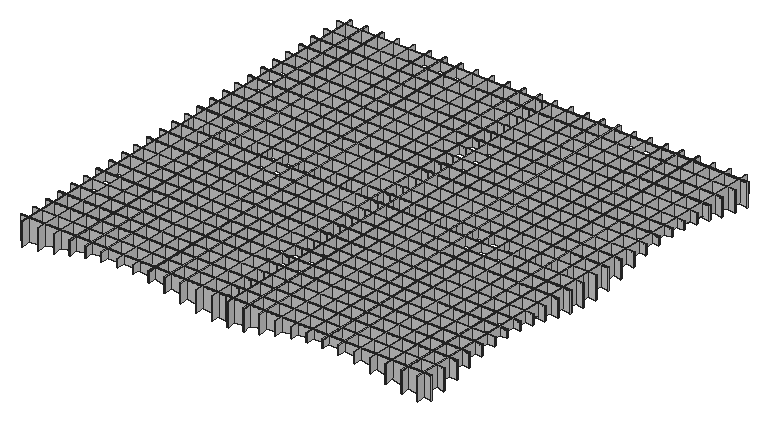
Revit family "CLD-WFL-002_RFA", category Modelos genéricos, Revit 2022 (continued)
Forms (in)
  Extrusion 93, solid, not visible
    sketch origin (0, 83.68055, 0) x (1, 0, 0) y (0, 0, 1)
      loop
        spline (53.76378, 5.08558) -> (54.49695, 5.08542) -> (55.23004, 5.08505) -> (55.96301, 5.0845) -> (56.6958, 5.0838) -> (57.42835, 5.08298) -> (58.16062, 5.08206) -> (58.89255, 5.08107) -> (59.62408, 5.08005) -> (60.35517, 5.07902) -> (61.08576, 5.07801) -> (61.81579, 5.07705) -> (62.54522, 5.07616)
        spline (62.54522, 5.07616) -> (63.20286, 5.07551) -> (63.85981, 5.075) -> (64.51602, 5.07466) -> (65.17144, 5.07452) -> (65.82603, 5.0746) -> (66.47973, 5.07493) -> (67.1325, 5.07554) -> (67.78428, 5.07645) -> (68.43505, 5.07766) -> (69.08486, 5.07909) -> (69.73376, 5.08066) -> (70.38178, 5.08229)
        spline (70.38178, 5.08229) -> (71.1172, 5.08386) -> (71.85177, 5.08523) -> (72.58555, 5.08629) -> (73.31859, 5.08695) -> (74.05095, 5.08712) -> (74.78269, 5.08668) -> (75.51386, 5.08555) -> (76.24453, 5.08362) -> (76.97474, 5.08079) -> (77.70455, 5.07697) -> (78.43403, 5.07206) -> (79.16322, 5.06596)
        spline (79.16322, 5.06596) -> (79.81589, 5.05858) -> (80.46845, 5.04989) -> (81.12094, 5.0398) -> (81.77342, 5.02821) -> (82.42595, 5.01505) -> (83.07858, 5.00022) -> (83.73137, 4.98363) -> (84.38439, 4.9652) -> (85.03768, 4.94483) -> (85.6913, 4.92244) -> (86.34531, 4.89793) -> (86.99978, 4.87123)
        spline (86.99978, 4.87123) -> (87.72677, 4.83707) -> (88.45442, 4.80022) -> (89.18281, 4.7606) -> (89.91198, 4.7181) -> (90.642, 4.67263) -> (91.37294, 4.62408) -> (92.10486, 4.57237) -> (92.83781, 4.5174) -> (93.57187, 4.45907) -> (94.3071, 4.39728) -> (95.04355, 4.33194) -> (95.78122, 4.26301)
        spline (95.78122, 4.26301) -> (96.43065, 4.19725) -> (97.08095, 4.12847) -> (97.73207, 4.05667) -> (98.38393, 3.9819) -> (99.03648, 3.90417) -> (99.68963, 3.82352) -> (100.34334, 3.73996) -> (100.99753, 3.65352) -> (101.65213, 3.56424) -> (102.30709, 3.47213) -> (102.96233, 3.37722) -> (103.61778, 3.27954)
        spline (103.61778, 3.27954) -> (103.98302, 3.22342) -> (104.34828, 3.16655) -> (104.71355, 3.10893) -> (105.07882, 3.05057) -> (105.44409, 2.99146) -> (105.80934, 2.93162) -> (106.17456, 2.87105) -> (106.53976, 2.80974) -> (106.9049, 2.74771) -> (107.27, 2.68496) -> (107.63504, 2.62148) -> (108, 2.55729)
        line (108, 2.55729) -> (108, 11.82144)
    from -0.11811 to 0
  Extrusion 94, solid, not visible
    sketch origin (0, 91.399, 0) x (1, 0, 0) y (0, 0, 1)
      loop
        line (108, 11.82144) -> (0, 11.82144) -> (0, 0.88375)
        spline (0, 0.88375) -> (0.32561, 0.94348) -> (0.65129, 1.00296) -> (0.97702, 1.06219) -> (1.3028, 1.12116) -> (1.62862, 1.1799) -> (1.95447, 1.23838) -> (2.28035, 1.29662) -> (2.60624, 1.35462) -> (2.93213, 1.41237) -> (3.25803, 1.46988) -> (3.58391, 1.52715) -> (3.90978, 1.58418)
        spline (3.90978, 1.58418) -> (4.64426, 1.71122) -> (5.37851, 1.8372) -> (6.11243, 1.96212) -> (6.84596, 2.086) -> (7.57903, 2.20885) -> (8.31155, 2.33067) -> (9.04347, 2.45149) -> (9.77469, 2.57131) -> (10.50515, 2.69014) -> (11.23478, 2.80798) -> (11.96349, 2.92486) -> (12.69122, 3.04079)
        spline (12.69122, 3.04079) -> (13.34952, 3.14441) -> (14.00673, 3.24717) -> (14.66285, 3.34906) -> (15.31792, 3.45005) -> (15.97202, 3.55011) -> (16.62518, 3.64921) -> (17.27747, 3.74732) -> (17.92894, 3.8444) -> (18.57965, 3.94043) -> (19.22966, 4.03537) -> (19.87902, 4.12919) -> (20.52778, 4.22187)
        spline (20.52778, 4.22187) -> (21.26116, 4.32437) -> (21.99403, 4.42546) -> (22.72646, 4.52511) -> (23.45852, 4.62328) -> (24.19027, 4.71993) -> (24.92177, 4.81503) -> (25.6531, 4.90854) -> (26.3843, 5.00042) -> (27.11545, 5.09065) -> (27.84662, 5.17918) -> (28.57786, 5.26598) -> (29.30922, 5.35101)
        spline (29.30922, 5.35101) -> (29.95995, 5.42391) -> (30.61094, 5.49516) -> (31.26223, 5.56472) -> (31.91387, 5.63257) -> (32.56591, 5.69867) -> (33.21841, 5.763) -> (33.87141, 5.82551) -> (34.52497, 5.88618) -> (35.17914, 5.94498) -> (35.83396, 6.00187) -> (36.48949, 6.05683) -> (37.14578, 6.10982)
        spline (37.14578, 6.10982) -> (37.87194, 6.16453) -> (38.59907, 6.21702) -> (39.32723, 6.26723) -> (40.05647, 6.31514) -> (40.78684, 6.36072) -> (41.51831, 6.40397) -> (42.25083, 6.44489) -> (42.98434, 6.4835) -> (43.71879, 6.51981) -> (44.45413, 6.55383) -> (45.19029, 6.58557) -> (45.92722, 6.61503)
        spline (45.92722, 6.61503) -> (46.57816, 6.6376) -> (47.22964, 6.65822) -> (47.88162, 6.67689) -> (48.53404, 6.69363) -> (49.18687, 6.70845) -> (49.84004, 6.72134) -> (50.49352, 6.73234) -> (51.14725, 6.74143) -> (51.80119, 6.74863) -> (52.45529, 6.75396) -> (53.1095, 6.75742) -> (53.76378, 6.75901)
        spline (53.76378, 6.75901) -> (54.49695, 6.7572) -> (55.23004, 6.75331) -> (55.96301, 6.74732) -> (56.6958, 6.73922) -> (57.42835, 6.72901) -> (58.16062, 6.71667) -> (58.89255, 6.7022) -> (59.62408, 6.68557) -> (60.35517, 6.66679) -> (61.08576, 6.64585) -> (61.81579, 6.62272) -> (62.54522, 6.59741)
        spline (62.54522, 6.59741) -> (63.20286, 6.57112) -> (63.85981, 6.54281) -> (64.51602, 6.51247) -> (65.17144, 6.48008) -> (65.82603, 6.44563) -> (66.47973, 6.40912) -> (67.1325, 6.37054) -> (67.78428, 6.32988) -> (68.43505, 6.28713) -> (69.08486, 6.24233) -> (69.73376, 6.19551) -> (70.38178, 6.14669)
        spline (70.38178, 6.14669) -> (71.1172, 6.08737) -> (71.85177, 6.02584) -> (72.58554, 5.96214) -> (73.31858, 5.89631) -> (74.05094, 5.82838) -> (74.78268, 5.75838) -> (75.51386, 5.68636) -> (76.24452, 5.61234) -> (76.97473, 5.53637) -> (77.70455, 5.45847) -> (78.43403, 5.37869) -> (79.16322, 5.29705)
        spline (79.16322, 5.29705) -> (79.81589, 5.22111) -> (80.46845, 5.14359) -> (81.12094, 5.06452) -> (81.77342, 4.98394) -> (82.42595, 4.90188) -> (83.07858, 4.81837) -> (83.73137, 4.73344) -> (84.38439, 4.64713) -> (85.03768, 4.55947) -> (85.6913, 4.47048) -> (86.34531, 4.3802) -> (86.99978, 4.28866)
        spline (86.99978, 4.28866) -> (87.72677, 4.18488) -> (88.45442, 4.07981) -> (89.1828, 3.97349) -> (89.91197, 3.86595) -> (90.64199, 3.75723) -> (91.37293, 3.64737) -> (92.10485, 3.53639) -> (92.8378, 3.42433) -> (93.57186, 3.31123) -> (94.30709, 3.19712) -> (95.04354, 3.08203) -> (95.78122, 2.96599)
        spline (95.78122, 2.96599) -> (96.4698, 2.85601) -> (97.15931, 2.74512) -> (97.84968, 2.63332) -> (98.54085, 2.52058) -> (99.23273, 2.40692) -> (99.92527, 2.2923) -> (100.61838, 2.17673) -> (101.31201, 2.06019) -> (102.00608, 1.94268) -> (102.70052, 1.82418) -> (103.39525, 1.70469) -> (104.09022, 1.58418)
        spline (104.09022, 1.58418) -> (104.41609, 1.52715) -> (104.74197, 1.46988) -> (105.06787, 1.41237) -> (105.39376, 1.35462) -> (105.71965, 1.29662) -> (106.04553, 1.23838) -> (106.37138, 1.1799) -> (106.6972, 1.12116) -> (107.02298, 1.06219) -> (107.34871, 1.00296) -> (107.67439, 0.94348) -> (108, 0.88375)
        line (108, 0.88375) -> (108, 11.82144)
    from -0.11811 to 0
  Extrusion 95, solid, not visible
    sketch origin (0, 91.87144, 0) x (1, 0, 0) y (0, 0, 1)
      loop
        line (108, 11.82144) -> (0, 11.82144) -> (0, 0.88375)
        spline (0, 0.88375) -> (0.32561, 0.94348) -> (0.65129, 1.00296) -> (0.97702, 1.06219) -> (1.3028, 1.12116) -> (1.62862, 1.1799) -> (1.95447, 1.23838) -> (2.28035, 1.29662) -> (2.60624, 1.35462) -> (2.93213, 1.41237) -> (3.25803, 1.46988) -> (3.58391, 1.52715) -> (3.90978, 1.58418)
        spline (3.90978, 1.58418) -> (4.64426, 1.71122) -> (5.37851, 1.8372) -> (6.11243, 1.96212) -> (6.84596, 2.086) -> (7.57903, 2.20885) -> (8.31155, 2.33067) -> (9.04347, 2.45149) -> (9.77469, 2.57131) -> (10.50515, 2.69014) -> (11.23478, 2.80798) -> (11.96349, 2.92486) -> (12.69122, 3.04079)
        spline (12.69122, 3.04079) -> (13.34952, 3.14441) -> (14.00673, 3.24717) -> (14.66285, 3.34906) -> (15.31792, 3.45005) -> (15.97202, 3.55011) -> (16.62518, 3.64921) -> (17.27747, 3.74732) -> (17.92894, 3.8444) -> (18.57965, 3.94043) -> (19.22966, 4.03537) -> (19.87902, 4.12919) -> (20.52778, 4.22187)
        spline (20.52778, 4.22187) -> (21.26116, 4.32437) -> (21.99403, 4.42546) -> (22.72646, 4.52511) -> (23.45852, 4.62328) -> (24.19027, 4.71993) -> (24.92177, 4.81503) -> (25.6531, 4.90854) -> (26.3843, 5.00042) -> (27.11545, 5.09065) -> (27.84662, 5.17918) -> (28.57786, 5.26598) -> (29.30922, 5.35101)
        spline (29.30922, 5.35101) -> (29.95995, 5.42391) -> (30.61094, 5.49516) -> (31.26223, 5.56472) -> (31.91387, 5.63257) -> (32.56591, 5.69867) -> (33.21841, 5.763) -> (33.87141, 5.82551) -> (34.52497, 5.88618) -> (35.17914, 5.94498) -> (35.83396, 6.00187) -> (36.48949, 6.05683) -> (37.14578, 6.10982)
        spline (37.14578, 6.10982) -> (37.87194, 6.16453) -> (38.59907, 6.21702) -> (39.32723, 6.26723) -> (40.05647, 6.31514) -> (40.78684, 6.36072) -> (41.51831, 6.40397) -> (42.25083, 6.44489) -> (42.98434, 6.4835) -> (43.71879, 6.51981) -> (44.45413, 6.55383) -> (45.19029, 6.58557) -> (45.92722, 6.61503)
        spline (45.92722, 6.61503) -> (46.57816, 6.6376) -> (47.22964, 6.65822) -> (47.88162, 6.67689) -> (48.53404, 6.69363) -> (49.18687, 6.70845) -> (49.84004, 6.72134) -> (50.49352, 6.73234) -> (51.14725, 6.74143) -> (51.80119, 6.74863) -> (52.45529, 6.75396) -> (53.1095, 6.75742) -> (53.76378, 6.75901)
        spline (53.76378, 6.75901) -> (54.49695, 6.7572) -> (55.23004, 6.75331) -> (55.96301, 6.74732) -> (56.6958, 6.73922) -> (57.42835, 6.72901) -> (58.16062, 6.71667) -> (58.89255, 6.7022) -> (59.62408, 6.68557) -> (60.35517, 6.66679) -> (61.08576, 6.64585) -> (61.81579, 6.62272) -> (62.54522, 6.59741)
        spline (62.54522, 6.59741) -> (63.20286, 6.57112) -> (63.85981, 6.54281) -> (64.51602, 6.51247) -> (65.17144, 6.48008) -> (65.82603, 6.44563) -> (66.47973, 6.40912) -> (67.1325, 6.37054) -> (67.78428, 6.32988) -> (68.43505, 6.28713) -> (69.08486, 6.24233) -> (69.73376, 6.19551) -> (70.38178, 6.14669)
        spline (70.38178, 6.14669) -> (71.1172, 6.08737) -> (71.85177, 6.02584) -> (72.58554, 5.96214) -> (73.31858, 5.89631) -> (74.05094, 5.82838) -> (74.78268, 5.75838) -> (75.51386, 5.68636) -> (76.24452, 5.61234) -> (76.97473, 5.53637) -> (77.70455, 5.45847) -> (78.43403, 5.37869) -> (79.16322, 5.29705)
        spline (79.16322, 5.29705) -> (79.81589, 5.22111) -> (80.46845, 5.14359) -> (81.12094, 5.06452) -> (81.77342, 4.98394) -> (82.42595, 4.90188) -> (83.07858, 4.81837) -> (83.73137, 4.73344) -> (84.38439, 4.64713) -> (85.03768, 4.55947) -> (85.6913, 4.47048) -> (86.34531, 4.3802) -> (86.99978, 4.28866)
        spline (86.99978, 4.28866) -> (87.72677, 4.18488) -> (88.45442, 4.07981) -> (89.1828, 3.97349) -> (89.91197, 3.86595) -> (90.64199, 3.75723) -> (91.37293, 3.64737) -> (92.10485, 3.53639) -> (92.8378, 3.42433) -> (93.57186, 3.31123) -> (94.30709, 3.19712) -> (95.04354, 3.08203) -> (95.78122, 2.96599)
        spline (95.78122, 2.96599) -> (96.4698, 2.85601) -> (97.15931, 2.74512) -> (97.84968, 2.63332) -> (98.54085, 2.52058) -> (99.23273, 2.40692) -> (99.92527, 2.2923) -> (100.61838, 2.17673) -> (101.31201, 2.06019) -> (102.00608, 1.94268) -> (102.70052, 1.82418) -> (103.39525, 1.70469) -> (104.09022, 1.58418)
        spline (104.09022, 1.58418) -> (104.41609, 1.52715) -> (104.74197, 1.46988) -> (105.06787, 1.41237) -> (105.39376, 1.35462) -> (105.71965, 1.29662) -> (106.04553, 1.23838) -> (106.37138, 1.1799) -> (106.6972, 1.12116) -> (107.02298, 1.06219) -> (107.34871, 1.00296) -> (107.67439, 0.94348) -> (108, 0.88375)
        line (108, 0.88375) -> (108, 11.82144)
    from -0.11811 to 0.35433
  Extrusion 96, solid, not visible
    sketch origin (0, 91.98955, 0) x (1, 0, 0) y (0, 0, 1)
      loop
        line (108, 11.82144) -> (0, 11.82144) -> (0, 0.88375)
        spline (0, 0.88375) -> (0.32561, 0.94348) -> (0.65129, 1.00296) -> (0.97702, 1.06219) -> (1.3028, 1.12116) -> (1.62862, 1.1799) -> (1.95447, 1.23838) -> (2.28035, 1.29662) -> (2.60624, 1.35462) -> (2.93213, 1.41237) -> (3.25803, 1.46988) -> (3.58391, 1.52715) -> (3.90978, 1.58418)
        spline (3.90978, 1.58418) -> (4.64426, 1.71122) -> (5.37851, 1.8372) -> (6.11243, 1.96212) -> (6.84596, 2.086) -> (7.57903, 2.20885) -> (8.31155, 2.33067) -> (9.04347, 2.45149) -> (9.77469, 2.57131) -> (10.50515, 2.69014) -> (11.23478, 2.80798) -> (11.96349, 2.92486) -> (12.69122, 3.04079)
        spline (12.69122, 3.04079) -> (13.34952, 3.14441) -> (14.00673, 3.24717) -> (14.66285, 3.34906) -> (15.31792, 3.45005) -> (15.97202, 3.55011) -> (16.62518, 3.64921) -> (17.27747, 3.74732) -> (17.92894, 3.8444) -> (18.57965, 3.94043) -> (19.22966, 4.03537) -> (19.87902, 4.12919) -> (20.52778, 4.22187)
        spline (20.52778, 4.22187) -> (21.26116, 4.32437) -> (21.99403, 4.42546) -> (22.72646, 4.52511) -> (23.45852, 4.62328) -> (24.19027, 4.71993) -> (24.92177, 4.81503) -> (25.6531, 4.90854) -> (26.3843, 5.00042) -> (27.11545, 5.09065) -> (27.84662, 5.17918) -> (28.57786, 5.26598) -> (29.30922, 5.35101)
        spline (29.30922, 5.35101) -> (29.95995, 5.42391) -> (30.61094, 5.49516) -> (31.26223, 5.56472) -> (31.91387, 5.63257) -> (32.56591, 5.69867) -> (33.21841, 5.763) -> (33.87141, 5.82551) -> (34.52497, 5.88618) -> (35.17914, 5.94498) -> (35.83396, 6.00187) -> (36.48949, 6.05683) -> (37.14578, 6.10982)
        spline (37.14578, 6.10982) -> (37.87194, 6.16453) -> (38.59907, 6.21702) -> (39.32723, 6.26723) -> (40.05647, 6.31514) -> (40.78684, 6.36072) -> (41.51831, 6.40397) -> (42.25083, 6.44489) -> (42.98434, 6.4835) -> (43.71879, 6.51981) -> (44.45413, 6.55383) -> (45.19029, 6.58557) -> (45.92722, 6.61503)
        spline (45.92722, 6.61503) -> (46.57816, 6.6376) -> (47.22964, 6.65822) -> (47.88162, 6.67689) -> (48.53404, 6.69363) -> (49.18687, 6.70845) -> (49.84004, 6.72134) -> (50.49352, 6.73234) -> (51.14725, 6.74143) -> (51.80119, 6.74863) -> (52.45529, 6.75396) -> (53.1095, 6.75742) -> (53.76378, 6.75901)
        spline (53.76378, 6.75901) -> (54.49695, 6.7572) -> (55.23004, 6.75331) -> (55.96301, 6.74732) -> (56.6958, 6.73922) -> (57.42835, 6.72901) -> (58.16062, 6.71667) -> (58.89255, 6.7022) -> (59.62408, 6.68557) -> (60.35517, 6.66679) -> (61.08576, 6.64585) -> (61.81579, 6.62272) -> (62.54522, 6.59741)
        spline (62.54522, 6.59741) -> (63.20286, 6.57112) -> (63.85981, 6.54281) -> (64.51602, 6.51247) -> (65.17144, 6.48008) -> (65.82603, 6.44563) -> (66.47973, 6.40912) -> (67.1325, 6.37054) -> (67.78428, 6.32988) -> (68.43505, 6.28713) -> (69.08486, 6.24233) -> (69.73376, 6.19551) -> (70.38178, 6.14669)
        spline (70.38178, 6.14669) -> (71.1172, 6.08737) -> (71.85177, 6.02584) -> (72.58554, 5.96214) -> (73.31858, 5.89631) -> (74.05094, 5.82838) -> (74.78268, 5.75838) -> (75.51386, 5.68636) -> (76.24452, 5.61234) -> (76.97473, 5.53637) -> (77.70455, 5.45847) -> (78.43403, 5.37869) -> (79.16322, 5.29705)
        spline (79.16322, 5.29705) -> (79.81589, 5.22111) -> (80.46845, 5.14359) -> (81.12094, 5.06452) -> (81.77342, 4.98394) -> (82.42595, 4.90188) -> (83.07858, 4.81837) -> (83.73137, 4.73344) -> (84.38439, 4.64713) -> (85.03768, 4.55947) -> (85.6913, 4.47048) -> (86.34531, 4.3802) -> (86.99978, 4.28866)
        spline (86.99978, 4.28866) -> (87.72677, 4.18488) -> (88.45442, 4.07981) -> (89.1828, 3.97349) -> (89.91197, 3.86595) -> (90.64199, 3.75723) -> (91.37293, 3.64737) -> (92.10485, 3.53639) -> (92.8378, 3.42433) -> (93.57186, 3.31123) -> (94.30709, 3.19712) -> (95.04354, 3.08203) -> (95.78122, 2.96599)
        spline (95.78122, 2.96599) -> (96.4698, 2.85601) -> (97.15931, 2.74512) -> (97.84968, 2.63332) -> (98.54085, 2.52058) -> (99.23273, 2.40692) -> (99.92527, 2.2923) -> (100.61838, 2.17673) -> (101.31201, 2.06019) -> (102.00608, 1.94268) -> (102.70052, 1.82418) -> (103.39525, 1.70469) -> (104.09022, 1.58418)
        spline (104.09022, 1.58418) -> (104.41609, 1.52715) -> (104.74197, 1.46988) -> (105.06787, 1.41237) -> (105.39376, 1.35462) -> (105.71965, 1.29662) -> (106.04553, 1.23838) -> (106.37138, 1.1799) -> (106.6972, 1.12116) -> (107.02298, 1.06219) -> (107.34871, 1.00296) -> (107.67439, 0.94348) -> (108, 0.88375)
        line (108, 0.88375) -> (108, 11.82144)
    from -0.11811 to 0
  Extrusion 97, solid, not visible
    sketch origin (0, 99.708, 0) x (1, 0, 0) y (0, 0, 1)
      loop
        line (108, 11.82144) -> (0, 11.82144) -> (0, 0)
        spline (0, 0) -> (0.32561, 0.03535) -> (0.65129, 0.07108) -> (0.97702, 0.10719) -> (1.3028, 0.14369) -> (1.62862, 0.18058) -> (1.95447, 0.21788) -> (2.28035, 0.25557) -> (2.60624, 0.29369) -> (2.93213, 0.33222) -> (3.25803, 0.37118) -> (3.58391, 0.41056) -> (3.90978, 0.45039)
        spline (3.90978, 0.45039) -> (4.64427, 0.54331) -> (5.37851, 0.63835) -> (6.11243, 0.73557) -> (6.84597, 0.83501) -> (7.57904, 0.93675) -> (8.31156, 1.04084) -> (9.04347, 1.14734) -> (9.7747, 1.25631) -> (10.50516, 1.36779) -> (11.23478, 1.48186) -> (11.96349, 1.59857) -> (12.69122, 1.71798)
        spline (12.69122, 1.71798) -> (13.38922, 1.83797) -> (14.08606, 1.96074) -> (14.78174, 2.08623) -> (15.47631, 2.21426) -> (16.16984, 2.34463) -> (16.86238, 2.47718) -> (17.55399, 2.61172) -> (18.24473, 2.74807) -> (18.93467, 2.88604) -> (19.62386, 3.02546) -> (20.31235, 3.16614) -> (21.00022, 3.30789)
        spline (21.00022, 3.30789) -> (21.65469, 3.44372) -> (22.3087, 3.5801) -> (22.96232, 3.71687) -> (23.61561, 3.85384) -> (24.26863, 3.99083) -> (24.92142, 4.12768) -> (25.57405, 4.2642) -> (26.22658, 4.40021) -> (26.87906, 4.53554) -> (27.53155, 4.67001) -> (28.18411, 4.80344) -> (28.83678, 4.93566)
        spline (28.83678, 4.93566) -> (29.71888, 5.11051) -> (30.60133, 5.28308) -> (31.48418, 5.45313) -> (32.36752, 5.62042) -> (33.25139, 5.78471) -> (34.13589, 5.94577) -> (35.02106, 6.10336) -> (35.90699, 6.25724) -> (36.79374, 6.40717) -> (37.68137, 6.55291) -> (38.56997, 6.69423) -> (39.45958, 6.83089)
        spline (39.45958, 6.83089) -> (39.81456, 6.88206) -> (40.17002, 6.93114) -> (40.52597, 6.97806) -> (40.88246, 7.0227) -> (41.2395, 7.065) -> (41.59707, 7.10495) -> (41.95516, 7.14258) -> (42.31373, 7.17791) -> (42.67277, 7.21097) -> (43.03223, 7.2418) -> (43.3921, 7.27043) -> (43.75234, 7.29687)
        spline (43.75234, 7.29687) -> (44.62318, 7.35197) -> (45.49474, 7.40207) -> (46.36696, 7.44722) -> (47.23979, 7.48751) -> (48.11314, 7.52299) -> (48.98697, 7.55374) -> (49.8612, 7.57983) -> (50.73577, 7.60132) -> (51.61063, 7.61828) -> (52.48569, 7.63078) -> (53.36091, 7.63889) -> (54.23622, 7.64268)
        spline (54.23622, 7.64268) -> (54.8905, 7.63994) -> (55.54471, 7.63396) -> (56.19881, 7.62471) -> (56.85275, 7.61212) -> (57.50648, 7.59614) -> (58.15996, 7.57673) -> (58.81313, 7.55383) -> (59.46596, 7.5274) -> (60.11838, 7.49738) -> (60.77036, 7.46371) -> (61.42184, 7.42635) -> (62.07278, 7.38525)
        spline (62.07278, 7.38525) -> (62.80971, 7.33115) -> (63.54587, 7.27259) -> (64.28121, 7.20951) -> (65.01566, 7.14186) -> (65.74917, 7.06957) -> (66.48169, 6.99259) -> (67.21316, 6.91086) -> (67.94353, 6.82432) -> (68.67277, 6.73297) -> (69.40093, 6.637) -> (70.12806, 6.53658) -> (70.85422, 6.4319)
        spline (70.85422, 6.4319) -> (71.51051, 6.33081) -> (72.16604, 6.22628) -> (72.82086, 6.11849) -> (73.47503, 6.00761) -> (74.12859, 5.89382) -> (74.78159, 5.7773) -> (75.43409, 5.65821) -> (76.08613, 5.53673) -> (76.73777, 5.41305) -> (77.38906, 5.28733) -> (78.04005, 5.15975) -> (78.69078, 5.03049)
        spline (78.69078, 5.03049) -> (79.42214, 4.88265) -> (80.15338, 4.73345) -> (80.88454, 4.58309) -> (81.6157, 4.43177) -> (82.3469, 4.27969) -> (83.07823, 4.12703) -> (83.80973, 3.97401) -> (84.54148, 3.82083) -> (85.27354, 3.66767) -> (86.00597, 3.51473) -> (86.73884, 3.36223) -> (87.47222, 3.21035)
        spline (87.47222, 3.21035) -> (88.12098, 3.07725) -> (88.77034, 2.94516) -> (89.42035, 2.81427) -> (90.07106, 2.68474) -> (90.72253, 2.55674) -> (91.37482, 2.43044) -> (92.02798, 2.30602) -> (92.68208, 2.18365) -> (93.33715, 2.0635) -> (93.99327, 1.94575) -> (94.65048, 1.83055) -> (95.30878, 1.71798)
        spline (95.30878, 1.71798) -> (96.03651, 1.59857) -> (96.76522, 1.48186) -> (97.49484, 1.36779) -> (98.2253, 1.25631) -> (98.95653, 1.14734) -> (99.68844, 1.04084) -> (100.42096, 0.93675) -> (101.15403, 0.83501) -> (101.88757, 0.73557) -> (102.62149, 0.63835) -> (103.35573, 0.54331) -> (104.09022, 0.45039)
        spline (104.09022, 0.45039) -> (104.41609, 0.41056) -> (104.74197, 0.37118) -> (105.06787, 0.33222) -> (105.39376, 0.29369) -> (105.71965, 0.25557) -> (106.04553, 0.21788) -> (106.37138, 0.18058) -> (106.6972, 0.14369) -> (107.02298, 0.10719) -> (107.34871, 0.07108) -> (107.67439, 0.03535) -> (108, 0)
        line (108, 0) -> (108, 11.82144)
    from -0.11811 to 0
  Extrusion 98, solid, not visible
    sketch origin (0, 100.29855, 0) x (1, 0, 0) y (0, 0, 1)
      loop
        line (108, 11.82144) -> (0, 11.82144) -> (0, 0)
        spline (0, 0) -> (0.32561, 0.03535) -> (0.65129, 0.07108) -> (0.97702, 0.10719) -> (1.3028, 0.14369) -> (1.62862, 0.18058) -> (1.95447, 0.21788) -> (2.28035, 0.25557) -> (2.60624, 0.29369) -> (2.93213, 0.33222) -> (3.25803, 0.37118) -> (3.58391, 0.41056) -> (3.90978, 0.45039)
        spline (3.90978, 0.45039) -> (4.64427, 0.54331) -> (5.37851, 0.63835) -> (6.11243, 0.73557) -> (6.84597, 0.83501) -> (7.57904, 0.93675) -> (8.31156, 1.04084) -> (9.04347, 1.14734) -> (9.7747, 1.25631) -> (10.50516, 1.36779) -> (11.23478, 1.48186) -> (11.96349, 1.59857) -> (12.69122, 1.71798)
        spline (12.69122, 1.71798) -> (13.38922, 1.83797) -> (14.08606, 1.96074) -> (14.78174, 2.08623) -> (15.47631, 2.21426) -> (16.16984, 2.34463) -> (16.86238, 2.47718) -> (17.55399, 2.61172) -> (18.24473, 2.74807) -> (18.93467, 2.88604) -> (19.62386, 3.02546) -> (20.31235, 3.16614) -> (21.00022, 3.30789)
        spline (21.00022, 3.30789) -> (21.65469, 3.44372) -> (22.3087, 3.5801) -> (22.96232, 3.71687) -> (23.61561, 3.85384) -> (24.26863, 3.99083) -> (24.92142, 4.12768) -> (25.57405, 4.2642) -> (26.22658, 4.40021) -> (26.87906, 4.53554) -> (27.53155, 4.67001) -> (28.18411, 4.80344) -> (28.83678, 4.93566)
        spline (28.83678, 4.93566) -> (29.71888, 5.11051) -> (30.60133, 5.28308) -> (31.48418, 5.45313) -> (32.36752, 5.62042) -> (33.25139, 5.78471) -> (34.13589, 5.94577) -> (35.02106, 6.10336) -> (35.90699, 6.25724) -> (36.79374, 6.40717) -> (37.68137, 6.55291) -> (38.56997, 6.69423) -> (39.45958, 6.83089)
        spline (39.45958, 6.83089) -> (39.81456, 6.88206) -> (40.17002, 6.93114) -> (40.52597, 6.97806) -> (40.88246, 7.0227) -> (41.2395, 7.065) -> (41.59707, 7.10495) -> (41.95516, 7.14258) -> (42.31373, 7.17791) -> (42.67277, 7.21097) -> (43.03223, 7.2418) -> (43.3921, 7.27043) -> (43.75234, 7.29687)
        spline (43.75234, 7.29687) -> (44.62318, 7.35197) -> (45.49474, 7.40207) -> (46.36696, 7.44722) -> (47.23979, 7.48751) -> (48.11314, 7.52299) -> (48.98697, 7.55374) -> (49.8612, 7.57983) -> (50.73577, 7.60132) -> (51.61063, 7.61828) -> (52.48569, 7.63078) -> (53.36091, 7.63889) -> (54.23622, 7.64268)
        spline (54.23622, 7.64268) -> (54.8905, 7.63994) -> (55.54471, 7.63396) -> (56.19881, 7.62471) -> (56.85275, 7.61212) -> (57.50648, 7.59614) -> (58.15996, 7.57673) -> (58.81313, 7.55383) -> (59.46596, 7.5274) -> (60.11838, 7.49738) -> (60.77036, 7.46371) -> (61.42184, 7.42635) -> (62.07278, 7.38525)
        spline (62.07278, 7.38525) -> (62.80971, 7.33115) -> (63.54587, 7.27259) -> (64.28121, 7.20951) -> (65.01566, 7.14186) -> (65.74917, 7.06957) -> (66.48169, 6.99259) -> (67.21316, 6.91086) -> (67.94353, 6.82432) -> (68.67277, 6.73297) -> (69.40093, 6.637) -> (70.12806, 6.53658) -> (70.85422, 6.4319)
        spline (70.85422, 6.4319) -> (71.51051, 6.33081) -> (72.16604, 6.22628) -> (72.82086, 6.11849) -> (73.47503, 6.00761) -> (74.12859, 5.89382) -> (74.78159, 5.7773) -> (75.43409, 5.65821) -> (76.08613, 5.53673) -> (76.73777, 5.41305) -> (77.38906, 5.28733) -> (78.04005, 5.15975) -> (78.69078, 5.03049)
        spline (78.69078, 5.03049) -> (79.42214, 4.88265) -> (80.15338, 4.73345) -> (80.88454, 4.58309) -> (81.6157, 4.43177) -> (82.3469, 4.27969) -> (83.07823, 4.12703) -> (83.80973, 3.97401) -> (84.54148, 3.82083) -> (85.27354, 3.66767) -> (86.00597, 3.51473) -> (86.73884, 3.36223) -> (87.47222, 3.21035)
        spline (87.47222, 3.21035) -> (88.12098, 3.07725) -> (88.77034, 2.94516) -> (89.42035, 2.81427) -> (90.07106, 2.68474) -> (90.72253, 2.55674) -> (91.37482, 2.43044) -> (92.02798, 2.30602) -> (92.68208, 2.18365) -> (93.33715, 2.0635) -> (93.99327, 1.94575) -> (94.65048, 1.83055) -> (95.30878, 1.71798)
        spline (95.30878, 1.71798) -> (96.03651, 1.59857) -> (96.76522, 1.48186) -> (97.49484, 1.36779) -> (98.2253, 1.25631) -> (98.95653, 1.14734) -> (99.68844, 1.04084) -> (100.42096, 0.93675) -> (101.15403, 0.83501) -> (101.88757, 0.73557) -> (102.62149, 0.63835) -> (103.35573, 0.54331) -> (104.09022, 0.45039)
        spline (104.09022, 0.45039) -> (104.41609, 0.41056) -> (104.74197, 0.37118) -> (105.06787, 0.33222) -> (105.39376, 0.29369) -> (105.71965, 0.25557) -> (106.04553, 0.21788) -> (106.37138, 0.18058) -> (106.6972, 0.14369) -> (107.02298, 0.10719) -> (107.34871, 0.07108) -> (107.67439, 0.03535) -> (108, 0)
        line (108, 0) -> (108, 11.82144)
    from -0.11811 to 0
  Extrusion 99, solid, not visible
    sketch origin (0, 100.18044, 0) x (1, 0, 0) y (0, 0, 1)
      loop
        line (108, 11.82144) -> (0, 11.82144) -> (0, 0)
        spline (0, 0) -> (0.32561, 0.03535) -> (0.65129, 0.07108) -> (0.97702, 0.10719) -> (1.3028, 0.14369) -> (1.62862, 0.18058) -> (1.95447, 0.21788) -> (2.28035, 0.25557) -> (2.60624, 0.29369) -> (2.93213, 0.33222) -> (3.25803, 0.37118) -> (3.58391, 0.41056) -> (3.90978, 0.45039)
        spline (3.90978, 0.45039) -> (4.64427, 0.54331) -> (5.37851, 0.63835) -> (6.11243, 0.73557) -> (6.84597, 0.83501) -> (7.57904, 0.93675) -> (8.31156, 1.04084) -> (9.04347, 1.14734) -> (9.7747, 1.25631) -> (10.50516, 1.36779) -> (11.23478, 1.48186) -> (11.96349, 1.59857) -> (12.69122, 1.71798)
        spline (12.69122, 1.71798) -> (13.38922, 1.83797) -> (14.08606, 1.96074) -> (14.78174, 2.08623) -> (15.47631, 2.21426) -> (16.16984, 2.34463) -> (16.86238, 2.47718) -> (17.55399, 2.61172) -> (18.24473, 2.74807) -> (18.93467, 2.88604) -> (19.62386, 3.02546) -> (20.31235, 3.16614) -> (21.00022, 3.30789)
        spline (21.00022, 3.30789) -> (21.65469, 3.44372) -> (22.3087, 3.5801) -> (22.96232, 3.71687) -> (23.61561, 3.85384) -> (24.26863, 3.99083) -> (24.92142, 4.12768) -> (25.57405, 4.2642) -> (26.22658, 4.40021) -> (26.87906, 4.53554) -> (27.53155, 4.67001) -> (28.18411, 4.80344) -> (28.83678, 4.93566)
        spline (28.83678, 4.93566) -> (29.71888, 5.11051) -> (30.60133, 5.28308) -> (31.48418, 5.45313) -> (32.36752, 5.62042) -> (33.25139, 5.78471) -> (34.13589, 5.94577) -> (35.02106, 6.10336) -> (35.90699, 6.25724) -> (36.79374, 6.40717) -> (37.68137, 6.55291) -> (38.56997, 6.69423) -> (39.45958, 6.83089)
        spline (39.45958, 6.83089) -> (39.81456, 6.88206) -> (40.17002, 6.93114) -> (40.52597, 6.97806) -> (40.88246, 7.0227) -> (41.2395, 7.065) -> (41.59707, 7.10495) -> (41.95516, 7.14258) -> (42.31373, 7.17791) -> (42.67277, 7.21097) -> (43.03223, 7.2418) -> (43.3921, 7.27043) -> (43.75234, 7.29687)
        spline (43.75234, 7.29687) -> (44.62318, 7.35197) -> (45.49474, 7.40207) -> (46.36696, 7.44722) -> (47.23979, 7.48751) -> (48.11314, 7.52299) -> (48.98697, 7.55374) -> (49.8612, 7.57983) -> (50.73577, 7.60132) -> (51.61063, 7.61828) -> (52.48569, 7.63078) -> (53.36091, 7.63889) -> (54.23622, 7.64268)
        spline (54.23622, 7.64268) -> (54.8905, 7.63994) -> (55.54471, 7.63396) -> (56.19881, 7.62471) -> (56.85275, 7.61212) -> (57.50648, 7.59614) -> (58.15996, 7.57673) -> (58.81313, 7.55383) -> (59.46596, 7.5274) -> (60.11838, 7.49738) -> (60.77036, 7.46371) -> (61.42184, 7.42635) -> (62.07278, 7.38525)
        spline (62.07278, 7.38525) -> (62.80971, 7.33115) -> (63.54587, 7.27259) -> (64.28121, 7.20951) -> (65.01566, 7.14186) -> (65.74917, 7.06957) -> (66.48169, 6.99259) -> (67.21316, 6.91086) -> (67.94353, 6.82432) -> (68.67277, 6.73297) -> (69.40093, 6.637) -> (70.12806, 6.53658) -> (70.85422, 6.4319)
        spline (70.85422, 6.4319) -> (71.51051, 6.33081) -> (72.16604, 6.22628) -> (72.82086, 6.11849) -> (73.47503, 6.00761) -> (74.12859, 5.89382) -> (74.78159, 5.7773) -> (75.43409, 5.65821) -> (76.08613, 5.53673) -> (76.73777, 5.41305) -> (77.38906, 5.28733) -> (78.04005, 5.15975) -> (78.69078, 5.03049)
        spline (78.69078, 5.03049) -> (79.42214, 4.88265) -> (80.15338, 4.73345) -> (80.88454, 4.58309) -> (81.6157, 4.43177) -> (82.3469, 4.27969) -> (83.07823, 4.12703) -> (83.80973, 3.97401) -> (84.54148, 3.82083) -> (85.27354, 3.66767) -> (86.00597, 3.51473) -> (86.73884, 3.36223) -> (87.47222, 3.21035)
        spline (87.47222, 3.21035) -> (88.12098, 3.07725) -> (88.77034, 2.94516) -> (89.42035, 2.81427) -> (90.07106, 2.68474) -> (90.72253, 2.55674) -> (91.37482, 2.43044) -> (92.02798, 2.30602) -> (92.68208, 2.18365) -> (93.33715, 2.0635) -> (93.99327, 1.94575) -> (94.65048, 1.83055) -> (95.30878, 1.71798)
        spline (95.30878, 1.71798) -> (96.03651, 1.59857) -> (96.76522, 1.48186) -> (97.49484, 1.36779) -> (98.2253, 1.25631) -> (98.95653, 1.14734) -> (99.68844, 1.04084) -> (100.42096, 0.93675) -> (101.15403, 0.83501) -> (101.88757, 0.73557) -> (102.62149, 0.63835) -> (103.35573, 0.54331) -> (104.09022, 0.45039)
        spline (104.09022, 0.45039) -> (104.41609, 0.41056) -> (104.74197, 0.37118) -> (105.06787, 0.33222) -> (105.39376, 0.29369) -> (105.71965, 0.25557) -> (106.04553, 0.21788) -> (106.37138, 0.18058) -> (106.6972, 0.14369) -> (107.02298, 0.10719) -> (107.34871, 0.07108) -> (107.67439, 0.03535) -> (108, 0)
        line (108, 0) -> (108, 11.82144)
    from -0.11811 to 0.35433
  Extrusion 100, solid
    sketch origin (3.79167, 108, 0) x (0, -1, 0) y (0, 0, 1)
      loop
        line (108, 11.82144) -> (0, 11.82144) -> (0, 0)
        spline (0, 0) -> (0.32561, 0.03535) -> (0.65129, 0.07108) -> (0.97702, 0.10719) -> (1.3028, 0.14369) -> (1.62862, 0.18058) -> (1.95447, 0.21788) -> (2.28035, 0.25557) -> (2.60624, 0.29369) -> (2.93213, 0.33222) -> (3.25803, 0.37118) -> (3.58391, 0.41056) -> (3.90978, 0.45039)
        spline (3.90978, 0.45039) -> (4.64427, 0.54331) -> (5.37851, 0.63835) -> (6.11243, 0.73557) -> (6.84597, 0.83501) -> (7.57904, 0.93675) -> (8.31156, 1.04084) -> (9.04347, 1.14734) -> (9.7747, 1.25631) -> (10.50516, 1.36779) -> (11.23478, 1.48186) -> (11.96349, 1.59857) -> (12.69122, 1.71798)
        spline (12.69122, 1.71798) -> (13.38922, 1.83797) -> (14.08606, 1.96074) -> (14.78174, 2.08623) -> (15.47631, 2.21426) -> (16.16984, 2.34463) -> (16.86238, 2.47718) -> (17.55399, 2.61172) -> (18.24473, 2.74807) -> (18.93467, 2.88604) -> (19.62386, 3.02546) -> (20.31235, 3.16614) -> (21.00022, 3.30789)
        spline (21.00022, 3.30789) -> (21.65469, 3.44372) -> (22.3087, 3.5801) -> (22.96232, 3.71687) -> (23.61561, 3.85384) -> (24.26863, 3.99083) -> (24.92142, 4.12768) -> (25.57405, 4.2642) -> (26.22658, 4.40021) -> (26.87906, 4.53554) -> (27.53155, 4.67001) -> (28.18411, 4.80344) -> (28.83678, 4.93566)
        spline (28.83678, 4.93566) -> (29.71888, 5.11051) -> (30.60133, 5.28308) -> (31.48418, 5.45313) -> (32.36752, 5.62042) -> (33.25139, 5.78471) -> (34.13589, 5.94577) -> (35.02106, 6.10336) -> (35.90699, 6.25724) -> (36.79374, 6.40717) -> (37.68137, 6.55291) -> (38.56997, 6.69423) -> (39.45958, 6.83089)
        spline (39.45958, 6.83089) -> (39.81456, 6.88206) -> (40.17002, 6.93114) -> (40.52597, 6.97806) -> (40.88246, 7.0227) -> (41.2395, 7.065) -> (41.59707, 7.10495) -> (41.95516, 7.14258) -> (42.31373, 7.17791) -> (42.67277, 7.21097) -> (43.03223, 7.2418) -> (43.3921, 7.27043) -> (43.75234, 7.29687)
        spline (43.75234, 7.29687) -> (44.62318, 7.35197) -> (45.49474, 7.40207) -> (46.36696, 7.44722) -> (47.23979, 7.48751) -> (48.11314, 7.52299) -> (48.98697, 7.55374) -> (49.8612, 7.57983) -> (50.73577, 7.60132) -> (51.61063, 7.61828) -> (52.48569, 7.63078) -> (53.36091, 7.63889) -> (54.23622, 7.64268)
        spline (54.23622, 7.64268) -> (54.8905, 7.63994) -> (55.54471, 7.63396) -> (56.19881, 7.62471) -> (56.85275, 7.61212) -> (57.50648, 7.59614) -> (58.15996, 7.57673) -> (58.81313, 7.55383) -> (59.46596, 7.5274) -> (60.11838, 7.49738) -> (60.77036, 7.46371) -> (61.42184, 7.42635) -> (62.07278, 7.38525)
        spline (62.07278, 7.38525) -> (62.80971, 7.33115) -> (63.54587, 7.27259) -> (64.28121, 7.20951) -> (65.01566, 7.14186) -> (65.74917, 7.06957) -> (66.48169, 6.99259) -> (67.21316, 6.91086) -> (67.94353, 6.82432) -> (68.67277, 6.73297) -> (69.40093, 6.637) -> (70.12806, 6.53658) -> (70.85422, 6.4319)
        spline (70.85422, 6.4319) -> (71.51051, 6.33081) -> (72.16604, 6.22628) -> (72.82086, 6.11849) -> (73.47503, 6.00761) -> (74.12859, 5.89382) -> (74.78159, 5.7773) -> (75.43409, 5.65821) -> (76.08613, 5.53673) -> (76.73777, 5.41305) -> (77.38906, 5.28733) -> (78.04005, 5.15975) -> (78.69078, 5.03049)
        spline (78.69078, 5.03049) -> (79.42214, 4.88265) -> (80.15338, 4.73345) -> (80.88454, 4.58309) -> (81.6157, 4.43177) -> (82.3469, 4.27969) -> (83.07823, 4.12703) -> (83.80973, 3.97401) -> (84.54148, 3.82083) -> (85.27354, 3.66767) -> (86.00597, 3.51473) -> (86.73884, 3.36223) -> (87.47222, 3.21035)
        spline (87.47222, 3.21035) -> (88.12098, 3.07725) -> (88.77034, 2.94516) -> (89.42035, 2.81427) -> (90.07106, 2.68474) -> (90.72253, 2.55674) -> (91.37482, 2.43044) -> (92.02798, 2.30602) -> (92.68208, 2.18365) -> (93.33715, 2.0635) -> (93.99327, 1.94575) -> (94.65048, 1.83055) -> (95.30878, 1.71798)
        spline (95.30878, 1.71798) -> (96.03651, 1.59857) -> (96.76522, 1.48186) -> (97.49484, 1.36779) -> (98.2253, 1.25631) -> (98.95653, 1.14734) -> (99.68844, 1.04084) -> (100.42096, 0.93675) -> (101.15403, 0.83501) -> (101.88757, 0.73557) -> (102.62149, 0.63835) -> (103.35573, 0.54331) -> (104.09022, 0.45039)
        spline (104.09022, 0.45039) -> (104.41609, 0.41056) -> (104.74197, 0.37118) -> (105.06787, 0.33222) -> (105.39376, 0.29369) -> (105.71965, 0.25557) -> (106.04553, 0.21788) -> (106.37138, 0.18058) -> (106.6972, 0.14369) -> (107.02298, 0.10719) -> (107.34871, 0.07108) -> (107.67439, 0.03535) -> (108, 0)
        line (108, 0) -> (108, 11.82144)
    from -0.11811 to 0
  Extrusion 101, solid
    sketch origin (4.38222, 108, 0) x (0, -1, 0) y (0, 0, 1)
      loop
        line (108, 11.82144) -> (0, 11.82144) -> (0, 0)
        spline (0, 0) -> (0.32561, 0.03535) -> (0.65129, 0.07108) -> (0.97702, 0.10719) -> (1.3028, 0.14369) -> (1.62862, 0.18058) -> (1.95447, 0.21788) -> (2.28035, 0.25557) -> (2.60624, 0.29369) -> (2.93213, 0.33222) -> (3.25803, 0.37118) -> (3.58391, 0.41056) -> (3.90978, 0.45039)
        spline (3.90978, 0.45039) -> (4.64427, 0.54331) -> (5.37851, 0.63835) -> (6.11243, 0.73557) -> (6.84597, 0.83501) -> (7.57904, 0.93675) -> (8.31156, 1.04084) -> (9.04347, 1.14734) -> (9.7747, 1.25631) -> (10.50516, 1.36779) -> (11.23478, 1.48186) -> (11.96349, 1.59857) -> (12.69122, 1.71798)
        spline (12.69122, 1.71798) -> (13.38922, 1.83797) -> (14.08606, 1.96074) -> (14.78174, 2.08623) -> (15.47631, 2.21426) -> (16.16984, 2.34463) -> (16.86238, 2.47718) -> (17.55399, 2.61172) -> (18.24473, 2.74807) -> (18.93467, 2.88604) -> (19.62386, 3.02546) -> (20.31235, 3.16614) -> (21.00022, 3.30789)
        spline (21.00022, 3.30789) -> (21.65469, 3.44372) -> (22.3087, 3.5801) -> (22.96232, 3.71687) -> (23.61561, 3.85384) -> (24.26863, 3.99083) -> (24.92142, 4.12768) -> (25.57405, 4.2642) -> (26.22658, 4.40021) -> (26.87906, 4.53554) -> (27.53155, 4.67001) -> (28.18411, 4.80344) -> (28.83678, 4.93566)
        spline (28.83678, 4.93566) -> (29.71888, 5.11051) -> (30.60133, 5.28308) -> (31.48418, 5.45313) -> (32.36752, 5.62042) -> (33.25139, 5.78471) -> (34.13589, 5.94577) -> (35.02106, 6.10336) -> (35.90699, 6.25724) -> (36.79374, 6.40717) -> (37.68137, 6.55291) -> (38.56997, 6.69423) -> (39.45958, 6.83089)
        spline (39.45958, 6.83089) -> (39.81456, 6.88206) -> (40.17002, 6.93114) -> (40.52597, 6.97806) -> (40.88246, 7.0227) -> (41.2395, 7.065) -> (41.59707, 7.10495) -> (41.95516, 7.14258) -> (42.31373, 7.17791) -> (42.67277, 7.21097) -> (43.03223, 7.2418) -> (43.3921, 7.27043) -> (43.75234, 7.29687)
        spline (43.75234, 7.29687) -> (44.62318, 7.35197) -> (45.49474, 7.40207) -> (46.36696, 7.44722) -> (47.23979, 7.48751) -> (48.11314, 7.52299) -> (48.98697, 7.55374) -> (49.8612, 7.57983) -> (50.73577, 7.60132) -> (51.61063, 7.61828) -> (52.48569, 7.63078) -> (53.36091, 7.63889) -> (54.23622, 7.64268)
        spline (54.23622, 7.64268) -> (54.8905, 7.63994) -> (55.54471, 7.63396) -> (56.19881, 7.62471) -> (56.85275, 7.61212) -> (57.50648, 7.59614) -> (58.15996, 7.57673) -> (58.81313, 7.55383) -> (59.46596, 7.5274) -> (60.11838, 7.49738) -> (60.77036, 7.46371) -> (61.42184, 7.42635) -> (62.07278, 7.38525)
        spline (62.07278, 7.38525) -> (62.80971, 7.33115) -> (63.54587, 7.27259) -> (64.28121, 7.20951) -> (65.01566, 7.14186) -> (65.74917, 7.06957) -> (66.48169, 6.99259) -> (67.21316, 6.91086) -> (67.94353, 6.82432) -> (68.67277, 6.73297) -> (69.40093, 6.637) -> (70.12806, 6.53658) -> (70.85422, 6.4319)
        spline (70.85422, 6.4319) -> (71.51051, 6.33081) -> (72.16604, 6.22628) -> (72.82086, 6.11849) -> (73.47503, 6.00761) -> (74.12859, 5.89382) -> (74.78159, 5.7773) -> (75.43409, 5.65821) -> (76.08613, 5.53673) -> (76.73777, 5.41305) -> (77.38906, 5.28733) -> (78.04005, 5.15975) -> (78.69078, 5.03049)
        spline (78.69078, 5.03049) -> (79.42214, 4.88265) -> (80.15338, 4.73345) -> (80.88454, 4.58309) -> (81.6157, 4.43177) -> (82.3469, 4.27969) -> (83.07823, 4.12703) -> (83.80973, 3.97401) -> (84.54148, 3.82083) -> (85.27354, 3.66767) -> (86.00597, 3.51473) -> (86.73884, 3.36223) -> (87.47222, 3.21035)
        spline (87.47222, 3.21035) -> (88.12098, 3.07725) -> (88.77034, 2.94516) -> (89.42035, 2.81427) -> (90.07106, 2.68474) -> (90.72253, 2.55674) -> (91.37482, 2.43044) -> (92.02798, 2.30602) -> (92.68208, 2.18365) -> (93.33715, 2.0635) -> (93.99327, 1.94575) -> (94.65048, 1.83055) -> (95.30878, 1.71798)
        spline (95.30878, 1.71798) -> (96.03651, 1.59857) -> (96.76522, 1.48186) -> (97.49484, 1.36779) -> (98.2253, 1.25631) -> (98.95653, 1.14734) -> (99.68844, 1.04084) -> (100.42096, 0.93675) -> (101.15403, 0.83501) -> (101.88757, 0.73557) -> (102.62149, 0.63835) -> (103.35573, 0.54331) -> (104.09022, 0.45039)
        spline (104.09022, 0.45039) -> (104.41609, 0.41056) -> (104.74197, 0.37118) -> (105.06787, 0.33222) -> (105.39376, 0.29369) -> (105.71965, 0.25557) -> (106.04553, 0.21788) -> (106.37138, 0.18058) -> (106.6972, 0.14369) -> (107.02298, 0.10719) -> (107.34871, 0.07108) -> (107.67439, 0.03535) -> (108, 0)
        line (108, 0) -> (108, 11.82144)
    from -0.11811 to 0
  Extrusion 102, solid
    sketch origin (4.26411, 108, 0) x (0, -1, 0) y (0, 0, 1)
      loop
        line (108, 11.82144) -> (0, 11.82144) -> (0, 0)
        spline (0, 0) -> (0.32561, 0.03535) -> (0.65129, 0.07108) -> (0.97702, 0.10719) -> (1.3028, 0.14369) -> (1.62862, 0.18058) -> (1.95447, 0.21788) -> (2.28035, 0.25557) -> (2.60624, 0.29369) -> (2.93213, 0.33222) -> (3.25803, 0.37118) -> (3.58391, 0.41056) -> (3.90978, 0.45039)
        spline (3.90978, 0.45039) -> (4.64427, 0.54331) -> (5.37851, 0.63835) -> (6.11243, 0.73557) -> (6.84597, 0.83501) -> (7.57904, 0.93675) -> (8.31156, 1.04084) -> (9.04347, 1.14734) -> (9.7747, 1.25631) -> (10.50516, 1.36779) -> (11.23478, 1.48186) -> (11.96349, 1.59857) -> (12.69122, 1.71798)
        spline (12.69122, 1.71798) -> (13.38922, 1.83797) -> (14.08606, 1.96074) -> (14.78174, 2.08623) -> (15.47631, 2.21426) -> (16.16984, 2.34463) -> (16.86238, 2.47718) -> (17.55399, 2.61172) -> (18.24473, 2.74807) -> (18.93467, 2.88604) -> (19.62386, 3.02546) -> (20.31235, 3.16614) -> (21.00022, 3.30789)
        spline (21.00022, 3.30789) -> (21.65469, 3.44372) -> (22.3087, 3.5801) -> (22.96232, 3.71687) -> (23.61561, 3.85384) -> (24.26863, 3.99083) -> (24.92142, 4.12768) -> (25.57405, 4.2642) -> (26.22658, 4.40021) -> (26.87906, 4.53554) -> (27.53155, 4.67001) -> (28.18411, 4.80344) -> (28.83678, 4.93566)
        spline (28.83678, 4.93566) -> (29.71888, 5.11051) -> (30.60133, 5.28308) -> (31.48418, 5.45313) -> (32.36752, 5.62042) -> (33.25139, 5.78471) -> (34.13589, 5.94577) -> (35.02106, 6.10336) -> (35.90699, 6.25724) -> (36.79374, 6.40717) -> (37.68137, 6.55291) -> (38.56997, 6.69423) -> (39.45958, 6.83089)
        spline (39.45958, 6.83089) -> (39.81456, 6.88206) -> (40.17002, 6.93114) -> (40.52597, 6.97806) -> (40.88246, 7.0227) -> (41.2395, 7.065) -> (41.59707, 7.10495) -> (41.95516, 7.14258) -> (42.31373, 7.17791) -> (42.67277, 7.21097) -> (43.03223, 7.2418) -> (43.3921, 7.27043) -> (43.75234, 7.29687)
        spline (43.75234, 7.29687) -> (44.62318, 7.35197) -> (45.49474, 7.40207) -> (46.36696, 7.44722) -> (47.23979, 7.48751) -> (48.11314, 7.52299) -> (48.98697, 7.55374) -> (49.8612, 7.57983) -> (50.73577, 7.60132) -> (51.61063, 7.61828) -> (52.48569, 7.63078) -> (53.36091, 7.63889) -> (54.23622, 7.64268)
        spline (54.23622, 7.64268) -> (54.8905, 7.63994) -> (55.54471, 7.63396) -> (56.19881, 7.62471) -> (56.85275, 7.61212) -> (57.50648, 7.59614) -> (58.15996, 7.57673) -> (58.81313, 7.55383) -> (59.46596, 7.5274) -> (60.11838, 7.49738) -> (60.77036, 7.46371) -> (61.42184, 7.42635) -> (62.07278, 7.38525)
        spline (62.07278, 7.38525) -> (62.80971, 7.33115) -> (63.54587, 7.27259) -> (64.28121, 7.20951) -> (65.01566, 7.14186) -> (65.74917, 7.06957) -> (66.48169, 6.99259) -> (67.21316, 6.91086) -> (67.94353, 6.82432) -> (68.67277, 6.73297) -> (69.40093, 6.637) -> (70.12806, 6.53658) -> (70.85422, 6.4319)
        spline (70.85422, 6.4319) -> (71.51051, 6.33081) -> (72.16604, 6.22628) -> (72.82086, 6.11849) -> (73.47503, 6.00761) -> (74.12859, 5.89382) -> (74.78159, 5.7773) -> (75.43409, 5.65821) -> (76.08613, 5.53673) -> (76.73777, 5.41305) -> (77.38906, 5.28733) -> (78.04005, 5.15975) -> (78.69078, 5.03049)
        spline (78.69078, 5.03049) -> (79.42214, 4.88265) -> (80.15338, 4.73345) -> (80.88454, 4.58309) -> (81.6157, 4.43177) -> (82.3469, 4.27969) -> (83.07823, 4.12703) -> (83.80973, 3.97401) -> (84.54148, 3.82083) -> (85.27354, 3.66767) -> (86.00597, 3.51473) -> (86.73884, 3.36223) -> (87.47222, 3.21035)
        spline (87.47222, 3.21035) -> (88.12098, 3.07725) -> (88.77034, 2.94516) -> (89.42035, 2.81427) -> (90.07106, 2.68474) -> (90.72253, 2.55674) -> (91.37482, 2.43044) -> (92.02798, 2.30602) -> (92.68208, 2.18365) -> (93.33715, 2.0635) -> (93.99327, 1.94575) -> (94.65048, 1.83055) -> (95.30878, 1.71798)
        spline (95.30878, 1.71798) -> (96.03651, 1.59857) -> (96.76522, 1.48186) -> (97.49484, 1.36779) -> (98.2253, 1.25631) -> (98.95653, 1.14734) -> (99.68844, 1.04084) -> (100.42096, 0.93675) -> (101.15403, 0.83501) -> (101.88757, 0.73557) -> (102.62149, 0.63835) -> (103.35573, 0.54331) -> (104.09022, 0.45039)
        spline (104.09022, 0.45039) -> (104.41609, 0.41056) -> (104.74197, 0.37118) -> (105.06787, 0.33222) -> (105.39376, 0.29369) -> (105.71965, 0.25557) -> (106.04553, 0.21788) -> (106.37138, 0.18058) -> (106.6972, 0.14369) -> (107.02298, 0.10719) -> (107.34871, 0.07108) -> (107.67439, 0.03535) -> (108, 0)
        line (108, 0) -> (108, 11.82144)
    from -0.11811 to 0.35433
  Extrusion 103, solid
    sketch origin (12.10067, 108, 0) x (0, -1, 0) y (0, 0, 1)
      loop
        line (108, 11.82144) -> (0, 11.82144) -> (0, 0.88375)
        spline (0, 0.88375) -> (0.32561, 0.94348) -> (0.65129, 1.00296) -> (0.97702, 1.06219) -> (1.3028, 1.12116) -> (1.62862, 1.1799) -> (1.95447, 1.23838) -> (2.28035, 1.29662) -> (2.60624, 1.35462) -> (2.93213, 1.41237) -> (3.25803, 1.46988) -> (3.58391, 1.52715) -> (3.90978, 1.58418)
        spline (3.90978, 1.58418) -> (4.64426, 1.71122) -> (5.37851, 1.8372) -> (6.11243, 1.96212) -> (6.84596, 2.086) -> (7.57903, 2.20885) -> (8.31155, 2.33067) -> (9.04347, 2.45149) -> (9.77469, 2.57131) -> (10.50515, 2.69014) -> (11.23478, 2.80798) -> (11.96349, 2.92486) -> (12.69122, 3.04079)
        spline (12.69122, 3.04079) -> (13.34952, 3.14441) -> (14.00673, 3.24717) -> (14.66285, 3.34906) -> (15.31792, 3.45005) -> (15.97202, 3.55011) -> (16.62518, 3.64921) -> (17.27747, 3.74732) -> (17.92894, 3.8444) -> (18.57965, 3.94043) -> (19.22966, 4.03537) -> (19.87902, 4.12919) -> (20.52778, 4.22187)
        spline (20.52778, 4.22187) -> (21.26116, 4.32437) -> (21.99403, 4.42546) -> (22.72646, 4.52511) -> (23.45852, 4.62328) -> (24.19027, 4.71993) -> (24.92177, 4.81503) -> (25.6531, 4.90854) -> (26.3843, 5.00042) -> (27.11545, 5.09065) -> (27.84662, 5.17918) -> (28.57786, 5.26598) -> (29.30922, 5.35101)
        spline (29.30922, 5.35101) -> (29.95995, 5.42391) -> (30.61094, 5.49516) -> (31.26223, 5.56472) -> (31.91387, 5.63257) -> (32.56591, 5.69867) -> (33.21841, 5.763) -> (33.87141, 5.82551) -> (34.52497, 5.88618) -> (35.17914, 5.94498) -> (35.83396, 6.00187) -> (36.48949, 6.05683) -> (37.14578, 6.10982)
        spline (37.14578, 6.10982) -> (37.87194, 6.16453) -> (38.59907, 6.21702) -> (39.32723, 6.26723) -> (40.05647, 6.31514) -> (40.78684, 6.36072) -> (41.51831, 6.40397) -> (42.25083, 6.44489) -> (42.98434, 6.4835) -> (43.71879, 6.51981) -> (44.45413, 6.55383) -> (45.19029, 6.58557) -> (45.92722, 6.61503)
        spline (45.92722, 6.61503) -> (46.57816, 6.6376) -> (47.22964, 6.65822) -> (47.88162, 6.67689) -> (48.53404, 6.69363) -> (49.18687, 6.70845) -> (49.84004, 6.72134) -> (50.49352, 6.73234) -> (51.14725, 6.74143) -> (51.80119, 6.74863) -> (52.45529, 6.75396) -> (53.1095, 6.75742) -> (53.76378, 6.75901)
        spline (53.76378, 6.75901) -> (54.49695, 6.7572) -> (55.23004, 6.75331) -> (55.96301, 6.74732) -> (56.6958, 6.73922) -> (57.42835, 6.72901) -> (58.16062, 6.71667) -> (58.89255, 6.7022) -> (59.62408, 6.68557) -> (60.35517, 6.66679) -> (61.08576, 6.64585) -> (61.81579, 6.62272) -> (62.54522, 6.59741)
        spline (62.54522, 6.59741) -> (63.20286, 6.57112) -> (63.85981, 6.54281) -> (64.51602, 6.51247) -> (65.17144, 6.48008) -> (65.82603, 6.44563) -> (66.47973, 6.40912) -> (67.1325, 6.37054) -> (67.78428, 6.32988) -> (68.43505, 6.28713) -> (69.08486, 6.24233) -> (69.73376, 6.19551) -> (70.38178, 6.14669)
        spline (70.38178, 6.14669) -> (71.1172, 6.08737) -> (71.85177, 6.02584) -> (72.58554, 5.96214) -> (73.31858, 5.89631) -> (74.05094, 5.82838) -> (74.78268, 5.75838) -> (75.51386, 5.68636) -> (76.24452, 5.61234) -> (76.97473, 5.53637) -> (77.70455, 5.45847) -> (78.43403, 5.37869) -> (79.16322, 5.29705)
        spline (79.16322, 5.29705) -> (79.81589, 5.22111) -> (80.46845, 5.14359) -> (81.12094, 5.06452) -> (81.77342, 4.98394) -> (82.42595, 4.90188) -> (83.07858, 4.81837) -> (83.73137, 4.73344) -> (84.38439, 4.64713) -> (85.03768, 4.55947) -> (85.6913, 4.47048) -> (86.34531, 4.3802) -> (86.99978, 4.28866)
        spline (86.99978, 4.28866) -> (87.72677, 4.18488) -> (88.45442, 4.07981) -> (89.1828, 3.97349) -> (89.91197, 3.86595) -> (90.64199, 3.75723) -> (91.37293, 3.64737) -> (92.10485, 3.53639) -> (92.8378, 3.42433) -> (93.57186, 3.31123) -> (94.30709, 3.19712) -> (95.04354, 3.08203) -> (95.78122, 2.96599)
        spline (95.78122, 2.96599) -> (96.4698, 2.85601) -> (97.15931, 2.74512) -> (97.84968, 2.63332) -> (98.54085, 2.52058) -> (99.23273, 2.40692) -> (99.92527, 2.2923) -> (100.61838, 2.17673) -> (101.31201, 2.06019) -> (102.00608, 1.94268) -> (102.70052, 1.82418) -> (103.39525, 1.70469) -> (104.09022, 1.58418)
        spline (104.09022, 1.58418) -> (104.41609, 1.52715) -> (104.74197, 1.46988) -> (105.06787, 1.41237) -> (105.39376, 1.35462) -> (105.71965, 1.29662) -> (106.04553, 1.23838) -> (106.37138, 1.1799) -> (106.6972, 1.12116) -> (107.02298, 1.06219) -> (107.34871, 1.00296) -> (107.67439, 0.94348) -> (108, 0.88375)
        line (108, 0.88375) -> (108, 11.82144)
    from -0.11811 to 0
  Extrusion 104, solid
    sketch origin (12.57311, 108, 0) x (0, -1, 0) y (0, 0, 1)
      loop
        line (108, 11.82144) -> (0, 11.82144) -> (0, 0.88375)
        spline (0, 0.88375) -> (0.32561, 0.94348) -> (0.65129, 1.00296) -> (0.97702, 1.06219) -> (1.3028, 1.12116) -> (1.62862, 1.1799) -> (1.95447, 1.23838) -> (2.28035, 1.29662) -> (2.60624, 1.35462) -> (2.93213, 1.41237) -> (3.25803, 1.46988) -> (3.58391, 1.52715) -> (3.90978, 1.58418)
        spline (3.90978, 1.58418) -> (4.64426, 1.71122) -> (5.37851, 1.8372) -> (6.11243, 1.96212) -> (6.84596, 2.086) -> (7.57903, 2.20885) -> (8.31155, 2.33067) -> (9.04347, 2.45149) -> (9.77469, 2.57131) -> (10.50515, 2.69014) -> (11.23478, 2.80798) -> (11.96349, 2.92486) -> (12.69122, 3.04079)
        spline (12.69122, 3.04079) -> (13.34952, 3.14441) -> (14.00673, 3.24717) -> (14.66285, 3.34906) -> (15.31792, 3.45005) -> (15.97202, 3.55011) -> (16.62518, 3.64921) -> (17.27747, 3.74732) -> (17.92894, 3.8444) -> (18.57965, 3.94043) -> (19.22966, 4.03537) -> (19.87902, 4.12919) -> (20.52778, 4.22187)
        spline (20.52778, 4.22187) -> (21.26116, 4.32437) -> (21.99403, 4.42546) -> (22.72646, 4.52511) -> (23.45852, 4.62328) -> (24.19027, 4.71993) -> (24.92177, 4.81503) -> (25.6531, 4.90854) -> (26.3843, 5.00042) -> (27.11545, 5.09065) -> (27.84662, 5.17918) -> (28.57786, 5.26598) -> (29.30922, 5.35101)
        spline (29.30922, 5.35101) -> (29.95995, 5.42391) -> (30.61094, 5.49516) -> (31.26223, 5.56472) -> (31.91387, 5.63257) -> (32.56591, 5.69867) -> (33.21841, 5.763) -> (33.87141, 5.82551) -> (34.52497, 5.88618) -> (35.17914, 5.94498) -> (35.83396, 6.00187) -> (36.48949, 6.05683) -> (37.14578, 6.10982)
        spline (37.14578, 6.10982) -> (37.87194, 6.16453) -> (38.59907, 6.21702) -> (39.32723, 6.26723) -> (40.05647, 6.31514) -> (40.78684, 6.36072) -> (41.51831, 6.40397) -> (42.25083, 6.44489) -> (42.98434, 6.4835) -> (43.71879, 6.51981) -> (44.45413, 6.55383) -> (45.19029, 6.58557) -> (45.92722, 6.61503)
        spline (45.92722, 6.61503) -> (46.57816, 6.6376) -> (47.22964, 6.65822) -> (47.88162, 6.67689) -> (48.53404, 6.69363) -> (49.18687, 6.70845) -> (49.84004, 6.72134) -> (50.49352, 6.73234) -> (51.14725, 6.74143) -> (51.80119, 6.74863) -> (52.45529, 6.75396) -> (53.1095, 6.75742) -> (53.76378, 6.75901)
        spline (53.76378, 6.75901) -> (54.49695, 6.7572) -> (55.23004, 6.75331) -> (55.96301, 6.74732) -> (56.6958, 6.73922) -> (57.42835, 6.72901) -> (58.16062, 6.71667) -> (58.89255, 6.7022) -> (59.62408, 6.68557) -> (60.35517, 6.66679) -> (61.08576, 6.64585) -> (61.81579, 6.62272) -> (62.54522, 6.59741)
        spline (62.54522, 6.59741) -> (63.20286, 6.57112) -> (63.85981, 6.54281) -> (64.51602, 6.51247) -> (65.17144, 6.48008) -> (65.82603, 6.44563) -> (66.47973, 6.40912) -> (67.1325, 6.37054) -> (67.78428, 6.32988) -> (68.43505, 6.28713) -> (69.08486, 6.24233) -> (69.73376, 6.19551) -> (70.38178, 6.14669)
        spline (70.38178, 6.14669) -> (71.1172, 6.08737) -> (71.85177, 6.02584) -> (72.58554, 5.96214) -> (73.31858, 5.89631) -> (74.05094, 5.82838) -> (74.78268, 5.75838) -> (75.51386, 5.68636) -> (76.24452, 5.61234) -> (76.97473, 5.53637) -> (77.70455, 5.45847) -> (78.43403, 5.37869) -> (79.16322, 5.29705)
        spline (79.16322, 5.29705) -> (79.81589, 5.22111) -> (80.46845, 5.14359) -> (81.12094, 5.06452) -> (81.77342, 4.98394) -> (82.42595, 4.90188) -> (83.07858, 4.81837) -> (83.73137, 4.73344) -> (84.38439, 4.64713) -> (85.03768, 4.55947) -> (85.6913, 4.47048) -> (86.34531, 4.3802) -> (86.99978, 4.28866)
        spline (86.99978, 4.28866) -> (87.72677, 4.18488) -> (88.45442, 4.07981) -> (89.1828, 3.97349) -> (89.91197, 3.86595) -> (90.64199, 3.75723) -> (91.37293, 3.64737) -> (92.10485, 3.53639) -> (92.8378, 3.42433) -> (93.57186, 3.31123) -> (94.30709, 3.19712) -> (95.04354, 3.08203) -> (95.78122, 2.96599)
        spline (95.78122, 2.96599) -> (96.4698, 2.85601) -> (97.15931, 2.74512) -> (97.84968, 2.63332) -> (98.54085, 2.52058) -> (99.23273, 2.40692) -> (99.92527, 2.2923) -> (100.61838, 2.17673) -> (101.31201, 2.06019) -> (102.00608, 1.94268) -> (102.70052, 1.82418) -> (103.39525, 1.70469) -> (104.09022, 1.58418)
        spline (104.09022, 1.58418) -> (104.41609, 1.52715) -> (104.74197, 1.46988) -> (105.06787, 1.41237) -> (105.39376, 1.35462) -> (105.71965, 1.29662) -> (106.04553, 1.23838) -> (106.37138, 1.1799) -> (106.6972, 1.12116) -> (107.02298, 1.06219) -> (107.34871, 1.00296) -> (107.67439, 0.94348) -> (108, 0.88375)
        line (108, 0.88375) -> (108, 11.82144)
    from -0.11811 to 0.35433
  Extrusion 105, solid
    sketch origin (20.40967, 108, 0) x (0, -1, 0) y (0, 0, 1)
      loop
        line (108, 11.82144) -> (0, 11.82144) -> (0, 2.55729)
        spline (0, 2.55729) -> (0.32561, 2.61504) -> (0.65129, 2.67215) -> (0.97702, 2.72862) -> (1.3028, 2.78445) -> (1.62862, 2.83963) -> (1.95447, 2.89415) -> (2.28035, 2.94802) -> (2.60624, 3.00123) -> (2.93213, 3.05379) -> (3.25803, 3.10567) -> (3.58391, 3.15689) -> (3.90978, 3.20744)
